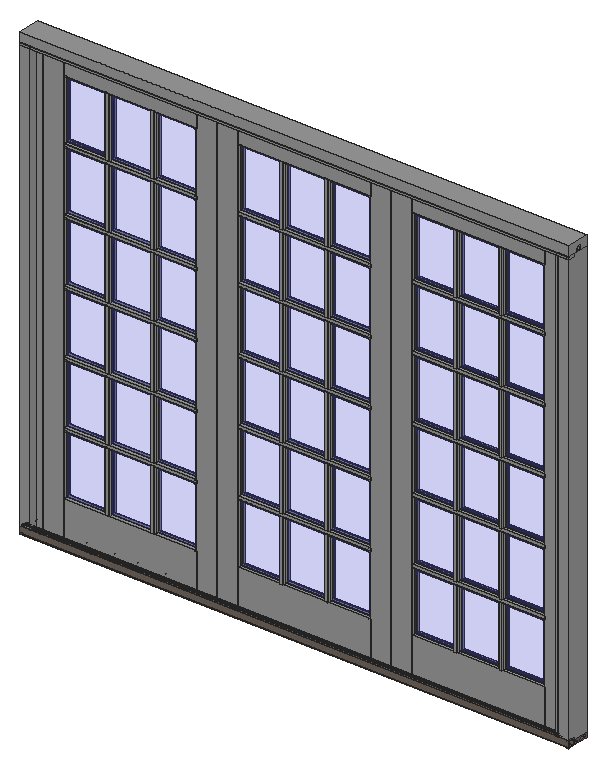
Revit family "VSFA 2560 SP LH", category Doors, host Wall, Revit 2015
Parameters (values of type "VSFA 2560 SP LH")
  Function = Interior
  Frame Projection Ext. = 25 mm
  Frame Projection Int. = 25 mm
  Frame Width = 75 mm
  Height = 2100 mm
  Wall Closure = By host
  Width = 2560 mm
Reference planes
  plane 1: y = 0
  plane 2 "Center (Left/Right)": x = 0
  plane 3 "Left": x = -1280
  plane 4 "Right": x = 1280
  plane 5: z = 2100
  plane 6 "Exterior": y = 75
  plane 7 "Interior": y = -75
  plane 8: x = 1205
  plane 9: x = -1235
  plane 10: x = 1204
  plane 11: x = 391
  plane 12: x = -422
Forms (mm)
  Extrusion 1, solid, material "Aluminium Cill (Bronze)"
    sketch origin (0, 79.18, -119.746) x (0, 1, 0) y (0, 0, -1)
      loop
        arc (-26.68, -120.746) -> (-26.972, -120.039) -> (-27.68, -119.746) r 1
        line (-27.68, -119.746) -> (-130.68, -119.746)
        arc (-130.68, -119.746) -> (-131.387, -120.039) -> (-131.68, -120.746) r 1
        line (-131.68, -120.746) -> (-131.68, -150.746)
        arc (-131.68, -150.746) -> (-131.387, -151.453) -> (-130.68, -151.746) r 1
        line (-130.68, -151.746) -> (-120.912, -151.746)
        arc (-120.912, -151.746) -> (-119.18, -150.746) -> (-117.447, -151.746) r 2
        line (-117.447, -151.746) -> (-112.912, -151.746)
        arc (-112.912, -151.746) -> (-111.18, -150.746) -> (-109.447, -151.746) r 2
        line (-109.447, -151.746) -> (-99.68, -151.746)
        arc (-99.68, -151.746) -> (-98.972, -151.453) -> (-98.68, -150.746) r 1
        line (-98.68, -150.746) -> (-98.68, -149.246)
        arc (-98.68, -149.246) -> (-99.18, -148.746) -> (-99.68, -149.246) r 0.5
        line (-99.68, -149.246) -> (-99.68, -150.246) -> (-100.88, -150.246) -> (-100.88, -142.734) -> (-99.68, -142.734) -> (-99.68, -143.746)
        arc (-99.68, -143.746) -> (-99.18, -144.246) -> (-98.68, -143.746) r 0.5
        line (-98.68, -143.746) -> (-98.68, -138.746) -> (-90.432, -138.746) -> (-82.18, -138.746) -> (-82.18, -135.246)
        arc (-82.18, -135.246) -> (-81.74, -134.185) -> (-80.68, -133.746) r 1.5
        line (-80.68, -133.746) -> (-75.93, -133.746) -> (-75.93, -135.746) -> (-77.363, -135.746)
        arc (-77.363, -135.746) -> (-74.68, -138.746) -> (-71.996, -135.746) r 2.7
        line (-71.996, -135.746) -> (-73.43, -135.746) -> (-73.43, -133.746) -> (-68.68, -133.746)
        arc (-68.68, -133.746) -> (-67.619, -134.185) -> (-67.18, -135.246) r 1.5
        line (-67.18, -135.246) -> (-67.18, -138.746) -> (-60.412, -138.746)
        arc (-60.412, -138.746) -> (-58.68, -137.746) -> (-56.947, -138.746) r 2
        line (-56.947, -138.746) -> (-52.412, -138.746)
        arc (-52.412, -138.746) -> (-50.68, -137.746) -> (-48.947, -138.746) r 2
        line (-48.947, -138.746) -> (-44.412, -138.746)
        arc (-44.412, -138.746) -> (-42.68, -137.746) -> (-40.947, -138.746) r 2
        line (-40.947, -138.746) -> (-29.68, -138.746)
        arc (-29.68, -138.746) -> (-27.558, -137.867) -> (-26.68, -135.746) r 3
        line (-26.68, -135.746) -> (-26.68, -120.746)
      loop
        arc (-29.68, -137.246) -> (-28.619, -136.807) -> (-28.18, -135.746) r 1.5
        line (-28.18, -135.746) -> (-28.18, -121.246) -> (-73.93, -121.246) -> (-73.93, -132.246) -> (-68.68, -132.246)
        arc (-68.68, -132.246) -> (-66.558, -133.125) -> (-65.68, -135.246) r 3
        line (-65.68, -135.246) -> (-65.68, -137.246) -> (-61.129, -137.246)
        arc (-61.129, -137.246) -> (-58.68, -136.246) -> (-56.23, -137.246) r 3.5
        line (-56.23, -137.246) -> (-53.129, -137.246)
        arc (-53.129, -137.246) -> (-50.68, -136.246) -> (-48.23, -137.246) r 3.5
        line (-48.23, -137.246) -> (-45.129, -137.246)
        arc (-45.129, -137.246) -> (-42.68, -136.246) -> (-40.23, -137.246) r 3.5
        line (-40.23, -137.246) -> (-29.68, -137.246)
      loop
        line (-75.43, -132.246) -> (-75.43, -121.246) -> (-98.68, -121.246) -> (-98.68, -137.246) -> (-83.68, -137.246) -> (-83.68, -135.246)
        arc (-83.68, -135.246) -> (-82.801, -133.125) -> (-80.68, -132.246) r 3
        line (-80.68, -132.246) -> (-75.43, -132.246)
      loop
        line (-100.18, -121.246) -> (-130.18, -121.246) -> (-130.18, -150.246) -> (-121.629, -150.246)
        arc (-121.629, -150.246) -> (-119.18, -149.246) -> (-116.73, -150.246) r 3.5
        line (-116.73, -150.246) -> (-113.629, -150.246)
        arc (-113.629, -150.246) -> (-111.18, -149.246) -> (-108.73, -150.246) r 3.5
        line (-108.73, -150.246) -> (-102.38, -150.246) -> (-102.38, -141.246) -> (-100.18, -141.246) -> (-100.18, -121.246)
    from -1280 to 1280
  Extrusion 2, solid, material "Lauan, Meranti"
    sketch origin (-122.148, 0, 0) x (0, 1, 0) y (0, 0, 1)
      loop
        line (52.5, 2100) -> (-52.5, 2100) -> (-52.5, 2055) -> (-6.5, 2055) -> (-6.5, 2075) -> (15.5, 2075) -> (15.5, 2055) -> (52.5, 2055) -> (52.5, 2100)
    from -1157.852 to 1402.148
  Extrusion 3, solid, material "Lauan, Meranti"
    sketch origin (2.986, 0, 0) x (0, 1, 0) y (0, 0, 1)
      loop
        line (-52.5, 2052) -> (-52.5, 2042) -> (-20.5, 2042) -> (-20.5, 2045.5) -> (-27.5, 2045.5) -> (-27.5, 2048.5) -> (-20.5, 2048.5) -> (-20.5, 2055) -> (-49.5, 2055) -> (-49.5, 2052) -> (-52.5, 2052)
    from -1282.986 to 1277.014
  Extrusion 4, solid, material "Steel, Chrome Plated"
    sketch origin (129.456, -1.5, 0) x (0, 1, 0) y (0, 0, -1)
      loop
        line (16.5, -2075) -> (16.5, -2055) -> (14.3, -2055) -> (14.3, -2072.8) -> (-2.3, -2072.8) -> (-2.3, -2055) -> (-4.5, -2055) -> (-4.5, -2075) -> (16.5, -2075)
    from -1150.544 to 1409.456
  Extrusion 5, solid, material "Lauan, Meranti"
    sketch origin (-615, 0, 0) x (-1, 0, 0) y (0, -1, 0)
      loop
        line (665, 52.5) -> (620, 52.5) -> (620, 16.5) -> (665, 16.5) -> (665, 52.5)
      loop
        line (665, -52.5) -> (665, -25.5) -> (620, -25.5) -> (620, -52.5) -> (665, -52.5)
      loop
        line (590, -24.5) -> (635, -24.5) -> (635, -14.5) -> (610, -14.5) -> (610, 5.5) -> (635, 5.5) -> (635, 15.5) -> (590, 15.5) -> (590, -24.5)
    from 32 to 2055
  Extrusion 6, solid, material "Lauan, Meranti"
    sketch origin (615, 0, 0) x (-1, 0, 0) y (0, -1, 0)
      loop
        line (-665, -52.5) -> (-632, -52.5) -> (-632, -24.5) -> (-620, -24.5) -> (-620, 52.5) -> (-665, 52.5) -> (-665, -52.5)
    from 32 to 2055
  Extrusion 7, solid, material "Lauan, Meranti"
    sketch origin (615, 0, 0) x (-1, 0, 0) y (0, -1, 0)
      loop
        line (-617, 52.5) -> (-617, 49.5) -> (-620, 49.5) -> (-620, 20.5) -> (-613.5, 20.5) -> (-613.5, 27.5) -> (-610.5, 27.5) -> (-610.5, 20.5) -> (-607, 20.5) -> (-607, 52.5) -> (-617, 52.5)
    from 32 to 2042
  Extrusion 8, solid, material "Lauan, Meranti"
    sketch origin (615, 0, 0) x (-1, 0, 0) y (0, -1, 0)
      loop
        line (-665, -52.5) -> (-632, -52.5) -> (-632, -24.5) -> (-620, -24.5) -> (-620, 19.5) -> (-665, 19.5) -> (-665, -52.5)
    from 19 to 32
  Extrusion 9, solid, material "Lauan, Meranti"
    sketch origin (-615, 0, 0) x (-1, 0, 0) y (0, -1, 0)
      loop
        line (620, -52.5) -> (665, -52.5) -> (665, -25.5) -> (620, -25.5) -> (620, -52.5)
      loop
        line (635, -24.5) -> (635, -14.5) -> (610, -14.5) -> (610, 5.5) -> (635, 5.5) -> (635, 15.5) -> (590, 15.5) -> (590, -24.5) -> (635, -24.5)
    from 19 to 32
  Extrusion 10, solid, material "Lauan, Meranti"
    sketch origin (-1524, 0, 0) x (-1, 0, 0) y (0, -1, 0)
      loop
        line (-1133, 15.5) -> (-1133, -24.5) -> (-1037, -24.5) -> (-1037, 5.5) -> (-1028, 5.5) -> (-1028, 7.5) -> (-1030, 7.5)
        arc (-1030, 7.5) -> (-1032.265, 11.94) -> (-1037, 13.5) r 6.549
        line (-1037, 13.5) -> (-1037, 15.5) -> (-1133, 15.5)
      loop
        line (-320, 15.5) -> (-416, 15.5) -> (-416, 13.5)
        arc (-416, 13.5) -> (-420.735, 11.94) -> (-423, 7.5) r 6.549
        line (-423, 7.5) -> (-425, 7.5) -> (-425, 5.5) -> (-416, 5.5) -> (-416, -24.5) -> (-320, -24.5) -> (-320, 15.5)
    from 19 to 2055
  Extrusion 11, solid, material "Lauan, Meranti"
    sketch origin (-711, 0, 0) x (-1, 0, 0) y (0, -1, 0)
      loop
        line (-1133, 15.5) -> (-1133, -24.5) -> (-1037, -24.5) -> (-1037, 5.5) -> (-1028, 5.5) -> (-1028, 7.5) -> (-1030, 7.5)
        arc (-1030, 7.5) -> (-1032.265, 11.94) -> (-1037, 13.5) r 6.549
        line (-1037, 13.5) -> (-1037, 15.5) -> (-1133, 15.5)
      loop
        line (-320, 15.5) -> (-416, 15.5) -> (-416, 13.5)
        arc (-416, 13.5) -> (-420.735, 11.94) -> (-423, 7.5) r 6.549
        line (-423, 7.5) -> (-425, 7.5) -> (-425, 5.5) -> (-416, 5.5) -> (-416, -24.5) -> (-320, -24.5) -> (-320, 15.5)
    from 19 to 2055
  Extrusion 12, solid, material "Lauan, Meranti"
    sketch origin (102, 0, 0) x (-1, 0, 0) y (0, -1, 0)
      loop
        line (-1133, 15.5) -> (-1133, -24.5) -> (-1037, -24.5) -> (-1037, 5.5) -> (-1028, 5.5) -> (-1028, 7.5) -> (-1030, 7.5)
        arc (-1030, 7.5) -> (-1032.265, 11.94) -> (-1037, 13.5) r 6.549
        line (-1037, 13.5) -> (-1037, 15.5) -> (-1133, 15.5)
      loop
        line (-320, 15.5) -> (-416, 15.5) -> (-416, 13.5)
        arc (-416, 13.5) -> (-420.735, 11.94) -> (-423, 7.5) r 6.549
        line (-423, 7.5) -> (-425, 7.5) -> (-425, 5.5) -> (-416, 5.5) -> (-416, -24.5) -> (-320, -24.5) -> (-320, 15.5)
    from 19 to 2055
  Extrusion 13, solid, material "Lauan, Meranti"
    sketch origin (969.765, 0, 0) x (0, 1, 0) y (0, 0, -1)
      loop
        line (-15.5, -190) -> (-13.5, -190)
        arc (-13.5, -190) -> (-11.866, -194.67) -> (-7.5, -197) r 6.807
        line (-7.5, -197) -> (-7.5, -199) -> (-5.5, -199) -> (-5.5, -190) -> (24.5, -190) -> (24.5, -19) -> (-15.5, -19) -> (-15.5, -190)
      loop
        arc (-7.5, -1952) -> (-11.866, -1954.33) -> (-13.5, -1959) r 6.807
        line (-13.5, -1959) -> (-15.5, -1959) -> (-15.5, -2055) -> (24.5, -2055) -> (24.5, -1959) -> (-5.5, -1959) -> (-5.5, -1950) -> (-7.5, -1950) -> (-7.5, -1952)
      loop
        line (-15.5, -1675) -> (-13.5, -1675)
        arc (-13.5, -1675) -> (-11.866, -1679.67) -> (-7.5, -1682) r 6.807
        line (-7.5, -1682) -> (-7.5, -1684) -> (-5.5, -1684) -> (-5.5, -1675) -> (24.5, -1675) -> (24.5, -1662) -> (-5.5, -1662) -> (-5.5, -1653) -> (-7.5, -1653) -> (-7.5, -1655)
        arc (-7.5, -1655) -> (-11.866, -1657.33) -> (-13.5, -1662) r 6.807
        line (-13.5, -1662) -> (-15.5, -1662) -> (-15.5, -1675)
      loop
        line (-15.5, -1378) -> (-13.5, -1378)
        arc (-13.5, -1378) -> (-11.866, -1382.67) -> (-7.5, -1385) r 6.807
        line (-7.5, -1385) -> (-7.5, -1387) -> (-5.5, -1387) -> (-5.5, -1378) -> (24.5, -1378) -> (24.5, -1365) -> (-5.5, -1365) -> (-5.5, -1356) -> (-7.5, -1356) -> (-7.5, -1358)
        arc (-7.5, -1358) -> (-11.866, -1360.33) -> (-13.5, -1365) r 6.807
        line (-13.5, -1365) -> (-15.5, -1365) -> (-15.5, -1378)
      loop
        line (-15.5, -1081) -> (-13.5, -1081)
        arc (-13.5, -1081) -> (-11.866, -1085.67) -> (-7.5, -1088) r 6.807
        line (-7.5, -1088) -> (-7.5, -1090) -> (-5.5, -1090) -> (-5.5, -1081) -> (24.5, -1081) -> (24.5, -1068) -> (-5.5, -1068) -> (-5.5, -1059) -> (-7.5, -1059) -> (-7.5, -1061)
        arc (-7.5, -1061) -> (-11.866, -1063.33) -> (-13.5, -1068) r 6.807
        line (-13.5, -1068) -> (-15.5, -1068) -> (-15.5, -1081)
      loop
        line (-15.5, -784) -> (-13.5, -784)
        arc (-13.5, -784) -> (-11.866, -788.67) -> (-7.5, -791) r 6.807
        line (-7.5, -791) -> (-7.5, -793) -> (-5.5, -793) -> (-5.5, -784) -> (24.5, -784) -> (24.5, -771) -> (-5.5, -771) -> (-5.5, -762) -> (-7.5, -762) -> (-7.5, -764)
        arc (-7.5, -764) -> (-11.866, -766.33) -> (-13.5, -771) r 6.807
        line (-13.5, -771) -> (-15.5, -771) -> (-15.5, -784)
      loop
        line (-15.5, -487) -> (-13.5, -487)
        arc (-13.5, -487) -> (-11.866, -491.67) -> (-7.5, -494) r 6.807
        line (-7.5, -494) -> (-7.5, -496) -> (-5.5, -496) -> (-5.5, -487) -> (24.5, -487) -> (24.5, -474) -> (-5.5, -474) -> (-5.5, -465) -> (-7.5, -465) -> (-7.5, -467)
        arc (-7.5, -467) -> (-11.866, -469.33) -> (-13.5, -474) r 6.807
        line (-13.5, -474) -> (-15.5, -474) -> (-15.5, -487)
    from -169.235 to 451.765
  Extrusion 14, solid, material "Glass"
    sketch origin (993.192, -110.55, -763.769) x (-1, 0, 0) y (0, 0, -1)
      loop
        line (-145.808, -2722.769) -> (52.532, -2722.769) -> (52.532, -2438.757) -> (-145.808, -2438.757) -> (-145.808, -2722.769)
      loop
        line (65.532, -2722.769) -> (263.872, -2722.769) -> (263.872, -2438.757) -> (65.532, -2438.757) -> (65.532, -2722.769)
      loop
        line (276.872, -2722.769) -> (475.212, -2722.769) -> (475.212, -2438.757) -> (276.872, -2438.757) -> (276.872, -2722.769)
      loop
        line (-145.808, -2425.769) -> (52.532, -2425.769) -> (52.532, -2141.757) -> (-145.808, -2141.757) -> (-145.808, -2425.769)
      loop
        line (65.532, -2425.769) -> (263.872, -2425.769) -> (263.872, -2141.757) -> (65.532, -2141.757) -> (65.532, -2425.769)
      loop
        line (276.872, -2425.769) -> (475.212, -2425.769) -> (475.212, -2141.757) -> (276.872, -2141.757) -> (276.872, -2425.769)
      loop
        line (-145.808, -2128.769) -> (52.532, -2128.769) -> (52.532, -1844.757) -> (-145.808, -1844.757) -> (-145.808, -2128.769)
      loop
        line (65.532, -2128.769) -> (263.872, -2128.769) -> (263.872, -1844.757) -> (65.532, -1844.757) -> (65.532, -2128.769)
      loop
        line (276.872, -2128.769) -> (475.212, -2128.769) -> (475.212, -1844.757) -> (276.872, -1844.757) -> (276.872, -2128.769)
      loop
        line (-145.808, -1831.769) -> (52.532, -1831.769) -> (52.532, -1547.757) -> (-145.808, -1547.757) -> (-145.808, -1831.769)
      loop
        line (65.532, -1831.769) -> (263.872, -1831.769) -> (263.872, -1547.757) -> (65.532, -1547.757) -> (65.532, -1831.769)
      loop
        line (276.872, -1831.769) -> (475.212, -1831.769) -> (475.212, -1547.757) -> (276.872, -1547.757) -> (276.872, -1831.769)
      loop
        line (-145.808, -1534.769) -> (52.532, -1534.769) -> (52.532, -1250.757) -> (-145.808, -1250.757) -> (-145.808, -1534.769)
      loop
        line (65.532, -1534.769) -> (263.872, -1534.769) -> (263.872, -1250.757) -> (65.532, -1250.757) -> (65.532, -1534.769)
      loop
        line (276.872, -1534.769) -> (475.212, -1534.769) -> (475.212, -1250.757) -> (276.872, -1250.757) -> (276.872, -1534.769)
      loop
        line (-145.808, -1237.769) -> (52.532, -1237.769) -> (52.532, -953.757) -> (-145.808, -953.757) -> (-145.808, -1237.769)
      loop
        line (65.532, -1237.769) -> (263.872, -1237.769) -> (263.872, -953.757) -> (65.532, -953.757) -> (65.532, -1237.769)
      loop
        line (276.872, -1237.769) -> (475.212, -1237.769) -> (475.212, -953.757) -> (276.872, -953.757) -> (276.872, -1237.769)
    from -112.5 to -106.1
  Extrusion 15, solid, material "Lauan, Meranti"
    sketch origin (1525, 0, 1484.988) x (-1, 0, 0) y (0, -1, 0)
      loop
        line (597.34, 15.5) -> (584.34, 15.5) -> (584.34, 13.5)
        arc (584.34, 13.5) -> (579.67, 11.866) -> (577.34, 7.5) r 6.807
        line (577.34, 7.5) -> (575.34, 7.5) -> (575.34, 5.5) -> (584.34, 5.5) -> (584.34, -24.5) -> (597.34, -24.5) -> (597.34, 5.5) -> (606.34, 5.5) -> (606.34, 7.5) -> (604.34, 7.5)
        arc (604.34, 7.5) -> (602.01, 11.866) -> (597.34, 13.5) r 6.807
        line (597.34, 13.5) -> (597.34, 15.5)
      loop
        line (808.68, 15.5) -> (795.68, 15.5) -> (795.68, 13.5)
        arc (795.68, 13.5) -> (791.01, 11.866) -> (788.68, 7.5) r 6.807
        line (788.68, 7.5) -> (786.68, 7.5) -> (786.68, 5.5) -> (795.68, 5.5) -> (795.68, -24.5) -> (808.68, -24.5) -> (808.68, 5.5) -> (817.68, 5.5) -> (817.68, 7.5) -> (815.68, 7.5)
        arc (815.68, 7.5) -> (813.35, 11.866) -> (808.68, 13.5) r 6.807
        line (808.68, 13.5) -> (808.68, 15.5)
    from 190 to 474
  Sweep 16, solid, material "Lauan, Meranti"
    path origin (1477.612, -75, 232.716) x (-1, 0, 0) y (0, 0, -1)
      loop
        line (338.612, -1726.284) -> (536.952, -1726.284) -> (536.952, -1442.272) -> (338.612, -1442.272) -> (338.612, -1726.284)
    profile origin (1039.83, -75, 1959) x (0, 0, -1) y (0, -1, 0)
      loop
        line (9, -78) -> (0, -78) -> (0, -86)
        arc (0, -86) -> (4.67, -84.366) -> (7, -80) r 6.807
        line (7, -80) -> (9, -80) -> (9, -78)
  Sweep 17, solid, material "Lauan, Meranti"
    path origin (1266.272, -75, 232.716) x (-1, 0, 0) y (0, 0, -1)
      loop
        line (338.612, -1726.284) -> (536.952, -1726.284) -> (536.952, -1442.272) -> (338.612, -1442.272) -> (338.612, -1726.284)
    profile origin (828.49, -75, 1959) x (0, 0, -1) y (0, -1, 0)
      loop
        line (9, -78) -> (0, -78) -> (0, -86)
        arc (0, -86) -> (4.67, -84.366) -> (7, -80) r 6.807
        line (7, -80) -> (9, -80) -> (9, -78)
  Sweep 18, solid, material "Lauan, Meranti"
    path origin (1054.932, -75, 232.716) x (-1, 0, 0) y (0, 0, -1)
      loop
        line (338.612, -1726.284) -> (536.952, -1726.284) -> (536.952, -1442.272) -> (338.612, -1442.272) -> (338.612, -1726.284)
    profile origin (617.15, -75, 1959) x (0, 0, -1) y (0, -1, 0)
      loop
        line (9, -78) -> (0, -78) -> (0, -86)
        arc (0, -86) -> (4.67, -84.366) -> (7, -80) r 6.807
        line (7, -80) -> (9, -80) -> (9, -78)
  Extrusion 19, solid, material "Lauan, Meranti"
    sketch origin (1525, 0, 1187.988) x (-1, 0, 0) y (0, -1, 0)
      loop
        line (597.34, 15.5) -> (584.34, 15.5) -> (584.34, 13.5)
        arc (584.34, 13.5) -> (579.67, 11.866) -> (577.34, 7.5) r 6.807
        line (577.34, 7.5) -> (575.34, 7.5) -> (575.34, 5.5) -> (584.34, 5.5) -> (584.34, -24.5) -> (597.34, -24.5) -> (597.34, 5.5) -> (606.34, 5.5) -> (606.34, 7.5) -> (604.34, 7.5)
        arc (604.34, 7.5) -> (602.01, 11.866) -> (597.34, 13.5) r 6.807
        line (597.34, 13.5) -> (597.34, 15.5)
      loop
        line (808.68, 15.5) -> (795.68, 15.5) -> (795.68, 13.5)
        arc (795.68, 13.5) -> (791.01, 11.866) -> (788.68, 7.5) r 6.807
        line (788.68, 7.5) -> (786.68, 7.5) -> (786.68, 5.5) -> (795.68, 5.5) -> (795.68, -24.5) -> (808.68, -24.5) -> (808.68, 5.5) -> (817.68, 5.5) -> (817.68, 7.5) -> (815.68, 7.5)
        arc (815.68, 7.5) -> (813.35, 11.866) -> (808.68, 13.5) r 6.807
        line (808.68, 13.5) -> (808.68, 15.5)
    from 190 to 474
  Sweep 20, solid, material "Lauan, Meranti"
    path origin (1477.612, -75, -64.284) x (-1, 0, 0) y (0, 0, -1)
      loop
        line (338.612, -1726.284) -> (536.952, -1726.284) -> (536.952, -1442.272) -> (338.612, -1442.272) -> (338.612, -1726.284)
    profile origin (1039.83, -75, 1662) x (0, 0, -1) y (0, -1, 0)
      loop
        line (9, -78) -> (0, -78) -> (0, -86)
        arc (0, -86) -> (4.67, -84.366) -> (7, -80) r 6.807
        line (7, -80) -> (9, -80) -> (9, -78)
  Sweep 21, solid, material "Lauan, Meranti"
    path origin (1266.272, -75, -64.284) x (-1, 0, 0) y (0, 0, -1)
      loop
        line (338.612, -1726.284) -> (536.952, -1726.284) -> (536.952, -1442.272) -> (338.612, -1442.272) -> (338.612, -1726.284)
    profile origin (828.49, -75, 1662) x (0, 0, -1) y (0, -1, 0)
      loop
        line (9, -78) -> (0, -78) -> (0, -86)
        arc (0, -86) -> (4.67, -84.366) -> (7, -80) r 6.807
        line (7, -80) -> (9, -80) -> (9, -78)
  Sweep 22, solid, material "Lauan, Meranti"
    path origin (1054.932, -75, -64.284) x (-1, 0, 0) y (0, 0, -1)
      loop
        line (338.612, -1726.284) -> (536.952, -1726.284) -> (536.952, -1442.272) -> (338.612, -1442.272) -> (338.612, -1726.284)
    profile origin (617.15, -75, 1662) x (0, 0, -1) y (0, -1, 0)
      loop
        line (9, -78) -> (0, -78) -> (0, -86)
        arc (0, -86) -> (4.67, -84.366) -> (7, -80) r 6.807
        line (7, -80) -> (9, -80) -> (9, -78)
  Extrusion 23, solid, material "Lauan, Meranti"
    sketch origin (1525, 0, 890.988) x (-1, 0, 0) y (0, -1, 0)
      loop
        line (597.34, 15.5) -> (584.34, 15.5) -> (584.34, 13.5)
        arc (584.34, 13.5) -> (579.67, 11.866) -> (577.34, 7.5) r 6.807
        line (577.34, 7.5) -> (575.34, 7.5) -> (575.34, 5.5) -> (584.34, 5.5) -> (584.34, -24.5) -> (597.34, -24.5) -> (597.34, 5.5) -> (606.34, 5.5) -> (606.34, 7.5) -> (604.34, 7.5)
        arc (604.34, 7.5) -> (602.01, 11.866) -> (597.34, 13.5) r 6.807
        line (597.34, 13.5) -> (597.34, 15.5)
      loop
        line (808.68, 15.5) -> (795.68, 15.5) -> (795.68, 13.5)
        arc (795.68, 13.5) -> (791.01, 11.866) -> (788.68, 7.5) r 6.807
        line (788.68, 7.5) -> (786.68, 7.5) -> (786.68, 5.5) -> (795.68, 5.5) -> (795.68, -24.5) -> (808.68, -24.5) -> (808.68, 5.5) -> (817.68, 5.5) -> (817.68, 7.5) -> (815.68, 7.5)
        arc (815.68, 7.5) -> (813.35, 11.866) -> (808.68, 13.5) r 6.807
        line (808.68, 13.5) -> (808.68, 15.5)
    from 190 to 474
  Sweep 24, solid, material "Lauan, Meranti"
    path origin (1477.612, -75, -361.284) x (-1, 0, 0) y (0, 0, -1)
      loop
        line (338.612, -1726.284) -> (536.952, -1726.284) -> (536.952, -1442.272) -> (338.612, -1442.272) -> (338.612, -1726.284)
    profile origin (1039.83, -75, 1365) x (0, 0, -1) y (0, -1, 0)
      loop
        line (9, -78) -> (0, -78) -> (0, -86)
        arc (0, -86) -> (4.67, -84.366) -> (7, -80) r 6.807
        line (7, -80) -> (9, -80) -> (9, -78)
  Sweep 25, solid, material "Lauan, Meranti"
    path origin (1266.272, -75, -361.284) x (-1, 0, 0) y (0, 0, -1)
      loop
        line (338.612, -1726.284) -> (536.952, -1726.284) -> (536.952, -1442.272) -> (338.612, -1442.272) -> (338.612, -1726.284)
    profile origin (828.49, -75, 1365) x (0, 0, -1) y (0, -1, 0)
      loop
        line (9, -78) -> (0, -78) -> (0, -86)
        arc (0, -86) -> (4.67, -84.366) -> (7, -80) r 6.807
        line (7, -80) -> (9, -80) -> (9, -78)
  Sweep 26, solid, material "Lauan, Meranti"
    path origin (1054.932, -75, -361.284) x (-1, 0, 0) y (0, 0, -1)
      loop
        line (338.612, -1726.284) -> (536.952, -1726.284) -> (536.952, -1442.272) -> (338.612, -1442.272) -> (338.612, -1726.284)
    profile origin (617.15, -75, 1365) x (0, 0, -1) y (0, -1, 0)
      loop
        line (9, -78) -> (0, -78) -> (0, -86)
        arc (0, -86) -> (4.67, -84.366) -> (7, -80) r 6.807
        line (7, -80) -> (9, -80) -> (9, -78)
  Extrusion 27, solid, material "Lauan, Meranti"
    sketch origin (1525, 0, 593.988) x (-1, 0, 0) y (0, -1, 0)
      loop
        line (597.34, 15.5) -> (584.34, 15.5) -> (584.34, 13.5)
        arc (584.34, 13.5) -> (579.67, 11.866) -> (577.34, 7.5) r 6.807
        line (577.34, 7.5) -> (575.34, 7.5) -> (575.34, 5.5) -> (584.34, 5.5) -> (584.34, -24.5) -> (597.34, -24.5) -> (597.34, 5.5) -> (606.34, 5.5) -> (606.34, 7.5) -> (604.34, 7.5)
        arc (604.34, 7.5) -> (602.01, 11.866) -> (597.34, 13.5) r 6.807
        line (597.34, 13.5) -> (597.34, 15.5)
      loop
        line (808.68, 15.5) -> (795.68, 15.5) -> (795.68, 13.5)
        arc (795.68, 13.5) -> (791.01, 11.866) -> (788.68, 7.5) r 6.807
        line (788.68, 7.5) -> (786.68, 7.5) -> (786.68, 5.5) -> (795.68, 5.5) -> (795.68, -24.5) -> (808.68, -24.5) -> (808.68, 5.5) -> (817.68, 5.5) -> (817.68, 7.5) -> (815.68, 7.5)
        arc (815.68, 7.5) -> (813.35, 11.866) -> (808.68, 13.5) r 6.807
        line (808.68, 13.5) -> (808.68, 15.5)
    from 190 to 474
  Sweep 28, solid, material "Lauan, Meranti"
    path origin (1477.612, -75, -658.284) x (-1, 0, 0) y (0, 0, -1)
      loop
        line (338.612, -1726.284) -> (536.952, -1726.284) -> (536.952, -1442.272) -> (338.612, -1442.272) -> (338.612, -1726.284)
    profile origin (1039.83, -75, 1068) x (0, 0, -1) y (0, -1, 0)
      loop
        line (9, -78) -> (0, -78) -> (0, -86)
        arc (0, -86) -> (4.67, -84.366) -> (7, -80) r 6.807
        line (7, -80) -> (9, -80) -> (9, -78)
  Sweep 29, solid, material "Lauan, Meranti"
    path origin (1266.272, -75, -658.284) x (-1, 0, 0) y (0, 0, -1)
      loop
        line (338.612, -1726.284) -> (536.952, -1726.284) -> (536.952, -1442.272) -> (338.612, -1442.272) -> (338.612, -1726.284)
    profile origin (828.49, -75, 1068) x (0, 0, -1) y (0, -1, 0)
      loop
        line (9, -78) -> (0, -78) -> (0, -86)
        arc (0, -86) -> (4.67, -84.366) -> (7, -80) r 6.807
        line (7, -80) -> (9, -80) -> (9, -78)
  Sweep 30, solid, material "Lauan, Meranti"
    path origin (1054.932, -75, -658.284) x (-1, 0, 0) y (0, 0, -1)
      loop
        line (338.612, -1726.284) -> (536.952, -1726.284) -> (536.952, -1442.272) -> (338.612, -1442.272) -> (338.612, -1726.284)
    profile origin (617.15, -75, 1068) x (0, 0, -1) y (0, -1, 0)
      loop
        line (9, -78) -> (0, -78) -> (0, -86)
        arc (0, -86) -> (4.67, -84.366) -> (7, -80) r 6.807
        line (7, -80) -> (9, -80) -> (9, -78)
  Extrusion 31, solid, material "Lauan, Meranti"
    sketch origin (1525, 0, 296.988) x (-1, 0, 0) y (0, -1, 0)
      loop
        line (597.34, 15.5) -> (584.34, 15.5) -> (584.34, 13.5)
        arc (584.34, 13.5) -> (579.67, 11.866) -> (577.34, 7.5) r 6.807
        line (577.34, 7.5) -> (575.34, 7.5) -> (575.34, 5.5) -> (584.34, 5.5) -> (584.34, -24.5) -> (597.34, -24.5) -> (597.34, 5.5) -> (606.34, 5.5) -> (606.34, 7.5) -> (604.34, 7.5)
        arc (604.34, 7.5) -> (602.01, 11.866) -> (597.34, 13.5) r 6.807
        line (597.34, 13.5) -> (597.34, 15.5)
      loop
        line (808.68, 15.5) -> (795.68, 15.5) -> (795.68, 13.5)
        arc (795.68, 13.5) -> (791.01, 11.866) -> (788.68, 7.5) r 6.807
        line (788.68, 7.5) -> (786.68, 7.5) -> (786.68, 5.5) -> (795.68, 5.5) -> (795.68, -24.5) -> (808.68, -24.5) -> (808.68, 5.5) -> (817.68, 5.5) -> (817.68, 7.5) -> (815.68, 7.5)
        arc (815.68, 7.5) -> (813.35, 11.866) -> (808.68, 13.5) r 6.807
        line (808.68, 13.5) -> (808.68, 15.5)
    from 190 to 474
  Sweep 32, solid, material "Lauan, Meranti"
    path origin (1477.612, -75, -955.284) x (-1, 0, 0) y (0, 0, -1)
      loop
        line (338.612, -1726.284) -> (536.952, -1726.284) -> (536.952, -1442.272) -> (338.612, -1442.272) -> (338.612, -1726.284)
    profile origin (1039.83, -75, 771) x (0, 0, -1) y (0, -1, 0)
      loop
        line (9, -78) -> (0, -78) -> (0, -86)
        arc (0, -86) -> (4.67, -84.366) -> (7, -80) r 6.807
        line (7, -80) -> (9, -80) -> (9, -78)
  Sweep 33, solid, material "Lauan, Meranti"
    path origin (1266.272, -75, -955.284) x (-1, 0, 0) y (0, 0, -1)
      loop
        line (338.612, -1726.284) -> (536.952, -1726.284) -> (536.952, -1442.272) -> (338.612, -1442.272) -> (338.612, -1726.284)
    profile origin (828.49, -75, 771) x (0, 0, -1) y (0, -1, 0)
      loop
        line (9, -78) -> (0, -78) -> (0, -86)
        arc (0, -86) -> (4.67, -84.366) -> (7, -80) r 6.807
        line (7, -80) -> (9, -80) -> (9, -78)
  Sweep 34, solid, material "Lauan, Meranti"
    path origin (1054.932, -75, -955.284) x (-1, 0, 0) y (0, 0, -1)
      loop
        line (338.612, -1726.284) -> (536.952, -1726.284) -> (536.952, -1442.272) -> (338.612, -1442.272) -> (338.612, -1726.284)
    profile origin (617.15, -75, 771) x (0, 0, -1) y (0, -1, 0)
      loop
        line (9, -78) -> (0, -78) -> (0, -86)
        arc (0, -86) -> (4.67, -84.366) -> (7, -80) r 6.807
        line (7, -80) -> (9, -80) -> (9, -78)
  Extrusion 35, solid, material "Lauan, Meranti"
    sketch origin (1525, 0, -0.012) x (-1, 0, 0) y (0, -1, 0)
      loop
        line (597.34, 15.5) -> (584.34, 15.5) -> (584.34, 13.5)
        arc (584.34, 13.5) -> (579.67, 11.866) -> (577.34, 7.5) r 6.807
        line (577.34, 7.5) -> (575.34, 7.5) -> (575.34, 5.5) -> (584.34, 5.5) -> (584.34, -24.5) -> (597.34, -24.5) -> (597.34, 5.5) -> (606.34, 5.5) -> (606.34, 7.5) -> (604.34, 7.5)
        arc (604.34, 7.5) -> (602.01, 11.866) -> (597.34, 13.5) r 6.807
        line (597.34, 13.5) -> (597.34, 15.5)
      loop
        line (808.68, 15.5) -> (795.68, 15.5) -> (795.68, 13.5)
        arc (795.68, 13.5) -> (791.01, 11.866) -> (788.68, 7.5) r 6.807
        line (788.68, 7.5) -> (786.68, 7.5) -> (786.68, 5.5) -> (795.68, 5.5) -> (795.68, -24.5) -> (808.68, -24.5) -> (808.68, 5.5) -> (817.68, 5.5) -> (817.68, 7.5) -> (815.68, 7.5)
        arc (815.68, 7.5) -> (813.35, 11.866) -> (808.68, 13.5) r 6.807
        line (808.68, 13.5) -> (808.68, 15.5)
    from 190 to 474
  Sweep 36, solid, material "Lauan, Meranti"
    path origin (1477.612, -75, -1252.284) x (-1, 0, 0) y (0, 0, -1)
      loop
        line (338.612, -1726.284) -> (536.952, -1726.284) -> (536.952, -1442.272) -> (338.612, -1442.272) -> (338.612, -1726.284)
    profile origin (1039.83, -75, 474) x (0, 0, -1) y (0, -1, 0)
      loop
        line (9, -78) -> (0, -78) -> (0, -86)
        arc (0, -86) -> (4.67, -84.366) -> (7, -80) r 6.807
        line (7, -80) -> (9, -80) -> (9, -78)
  Sweep 37, solid, material "Lauan, Meranti"
    path origin (1266.272, -75, -1252.284) x (-1, 0, 0) y (0, 0, -1)
      loop
        line (338.612, -1726.284) -> (536.952, -1726.284) -> (536.952, -1442.272) -> (338.612, -1442.272) -> (338.612, -1726.284)
    profile origin (828.49, -75, 474) x (0, 0, -1) y (0, -1, 0)
      loop
        line (9, -78) -> (0, -78) -> (0, -86)
        arc (0, -86) -> (4.67, -84.366) -> (7, -80) r 6.807
        line (7, -80) -> (9, -80) -> (9, -78)
  Sweep 38, solid, material "Lauan, Meranti"
    path origin (1054.932, -75, -1252.284) x (-1, 0, 0) y (0, 0, -1)
      loop
        line (338.612, -1726.284) -> (536.952, -1726.284) -> (536.952, -1442.272) -> (338.612, -1442.272) -> (338.612, -1726.284)
    profile origin (617.15, -75, 474) x (0, 0, -1) y (0, -1, 0)
      loop
        line (9, -78) -> (0, -78) -> (0, -86)
        arc (0, -86) -> (4.67, -84.366) -> (7, -80) r 6.807
        line (7, -80) -> (9, -80) -> (9, -78)
  Extrusion 39, solid, material "Lauan, Meranti"
    sketch origin (156.765, 0, 0) x (0, 1, 0) y (0, 0, -1)
      loop
        line (-15.5, -190) -> (-13.5, -190)
        arc (-13.5, -190) -> (-11.866, -194.67) -> (-7.5, -197) r 6.807
        line (-7.5, -197) -> (-7.5, -199) -> (-5.5, -199) -> (-5.5, -190) -> (24.5, -190) -> (24.5, -19) -> (-15.5, -19) -> (-15.5, -190)
      loop
        arc (-7.5, -1952) -> (-11.866, -1954.33) -> (-13.5, -1959) r 6.807
        line (-13.5, -1959) -> (-15.5, -1959) -> (-15.5, -2055) -> (24.5, -2055) -> (24.5, -1959) -> (-5.5, -1959) -> (-5.5, -1950) -> (-7.5, -1950) -> (-7.5, -1952)
      loop
        line (-15.5, -1675) -> (-13.5, -1675)
        arc (-13.5, -1675) -> (-11.866, -1679.67) -> (-7.5, -1682) r 6.807
        line (-7.5, -1682) -> (-7.5, -1684) -> (-5.5, -1684) -> (-5.5, -1675) -> (24.5, -1675) -> (24.5, -1662) -> (-5.5, -1662) -> (-5.5, -1653) -> (-7.5, -1653) -> (-7.5, -1655)
        arc (-7.5, -1655) -> (-11.866, -1657.33) -> (-13.5, -1662) r 6.807
        line (-13.5, -1662) -> (-15.5, -1662) -> (-15.5, -1675)
      loop
        line (-15.5, -1378) -> (-13.5, -1378)
        arc (-13.5, -1378) -> (-11.866, -1382.67) -> (-7.5, -1385) r 6.807
        line (-7.5, -1385) -> (-7.5, -1387) -> (-5.5, -1387) -> (-5.5, -1378) -> (24.5, -1378) -> (24.5, -1365) -> (-5.5, -1365) -> (-5.5, -1356) -> (-7.5, -1356) -> (-7.5, -1358)
        arc (-7.5, -1358) -> (-11.866, -1360.33) -> (-13.5, -1365) r 6.807
        line (-13.5, -1365) -> (-15.5, -1365) -> (-15.5, -1378)
      loop
        line (-15.5, -1081) -> (-13.5, -1081)
        arc (-13.5, -1081) -> (-11.866, -1085.67) -> (-7.5, -1088) r 6.807
        line (-7.5, -1088) -> (-7.5, -1090) -> (-5.5, -1090) -> (-5.5, -1081) -> (24.5, -1081) -> (24.5, -1068) -> (-5.5, -1068) -> (-5.5, -1059) -> (-7.5, -1059) -> (-7.5, -1061)
        arc (-7.5, -1061) -> (-11.866, -1063.33) -> (-13.5, -1068) r 6.807
        line (-13.5, -1068) -> (-15.5, -1068) -> (-15.5, -1081)
      loop
        line (-15.5, -784) -> (-13.5, -784)
        arc (-13.5, -784) -> (-11.866, -788.67) -> (-7.5, -791) r 6.807
        line (-7.5, -791) -> (-7.5, -793) -> (-5.5, -793) -> (-5.5, -784) -> (24.5, -784) -> (24.5, -771) -> (-5.5, -771) -> (-5.5, -762) -> (-7.5, -762) -> (-7.5, -764)
        arc (-7.5, -764) -> (-11.866, -766.33) -> (-13.5, -771) r 6.807
        line (-13.5, -771) -> (-15.5, -771) -> (-15.5, -784)
      loop
        line (-15.5, -487) -> (-13.5, -487)
        arc (-13.5, -487) -> (-11.866, -491.67) -> (-7.5, -494) r 6.807
        line (-7.5, -494) -> (-7.5, -496) -> (-5.5, -496) -> (-5.5, -487) -> (24.5, -487) -> (24.5, -474) -> (-5.5, -474) -> (-5.5, -465) -> (-7.5, -465) -> (-7.5, -467)
        arc (-7.5, -467) -> (-11.866, -469.33) -> (-13.5, -474) r 6.807
        line (-13.5, -474) -> (-15.5, -474) -> (-15.5, -487)
    from -169.235 to 451.765
  Extrusion 40, solid, material "Glass"
    sketch origin (180.192, -110.55, -763.769) x (-1, 0, 0) y (0, 0, -1)
      loop
        line (-145.808, -2722.769) -> (52.532, -2722.769) -> (52.532, -2438.757) -> (-145.808, -2438.757) -> (-145.808, -2722.769)
      loop
        line (65.532, -2722.769) -> (263.872, -2722.769) -> (263.872, -2438.757) -> (65.532, -2438.757) -> (65.532, -2722.769)
      loop
        line (276.872, -2722.769) -> (475.212, -2722.769) -> (475.212, -2438.757) -> (276.872, -2438.757) -> (276.872, -2722.769)
      loop
        line (-145.808, -2425.769) -> (52.532, -2425.769) -> (52.532, -2141.757) -> (-145.808, -2141.757) -> (-145.808, -2425.769)
      loop
        line (65.532, -2425.769) -> (263.872, -2425.769) -> (263.872, -2141.757) -> (65.532, -2141.757) -> (65.532, -2425.769)
      loop
        line (276.872, -2425.769) -> (475.212, -2425.769) -> (475.212, -2141.757) -> (276.872, -2141.757) -> (276.872, -2425.769)
      loop
        line (-145.808, -2128.769) -> (52.532, -2128.769) -> (52.532, -1844.757) -> (-145.808, -1844.757) -> (-145.808, -2128.769)
      loop
        line (65.532, -2128.769) -> (263.872, -2128.769) -> (263.872, -1844.757) -> (65.532, -1844.757) -> (65.532, -2128.769)
      loop
        line (276.872, -2128.769) -> (475.212, -2128.769) -> (475.212, -1844.757) -> (276.872, -1844.757) -> (276.872, -2128.769)
      loop
        line (-145.808, -1831.769) -> (52.532, -1831.769) -> (52.532, -1547.757) -> (-145.808, -1547.757) -> (-145.808, -1831.769)
      loop
        line (65.532, -1831.769) -> (263.872, -1831.769) -> (263.872, -1547.757) -> (65.532, -1547.757) -> (65.532, -1831.769)
      loop
        line (276.872, -1831.769) -> (475.212, -1831.769) -> (475.212, -1547.757) -> (276.872, -1547.757) -> (276.872, -1831.769)
      loop
        line (-145.808, -1534.769) -> (52.532, -1534.769) -> (52.532, -1250.757) -> (-145.808, -1250.757) -> (-145.808, -1534.769)
      loop
        line (65.532, -1534.769) -> (263.872, -1534.769) -> (263.872, -1250.757) -> (65.532, -1250.757) -> (65.532, -1534.769)
      loop
        line (276.872, -1534.769) -> (475.212, -1534.769) -> (475.212, -1250.757) -> (276.872, -1250.757) -> (276.872, -1534.769)
      loop
        line (-145.808, -1237.769) -> (52.532, -1237.769) -> (52.532, -953.757) -> (-145.808, -953.757) -> (-145.808, -1237.769)
      loop
        line (65.532, -1237.769) -> (263.872, -1237.769) -> (263.872, -953.757) -> (65.532, -953.757) -> (65.532, -1237.769)
      loop
        line (276.872, -1237.769) -> (475.212, -1237.769) -> (475.212, -953.757) -> (276.872, -953.757) -> (276.872, -1237.769)
    from -112.5 to -106.1
  Extrusion 41, solid, material "Lauan, Meranti"
    sketch origin (712, 0, 1484.988) x (-1, 0, 0) y (0, -1, 0)
      loop
        line (597.34, 15.5) -> (584.34, 15.5) -> (584.34, 13.5)
        arc (584.34, 13.5) -> (579.67, 11.866) -> (577.34, 7.5) r 6.807
        line (577.34, 7.5) -> (575.34, 7.5) -> (575.34, 5.5) -> (584.34, 5.5) -> (584.34, -24.5) -> (597.34, -24.5) -> (597.34, 5.5) -> (606.34, 5.5) -> (606.34, 7.5) -> (604.34, 7.5)
        arc (604.34, 7.5) -> (602.01, 11.866) -> (597.34, 13.5) r 6.807
        line (597.34, 13.5) -> (597.34, 15.5)
      loop
        line (808.68, 15.5) -> (795.68, 15.5) -> (795.68, 13.5)
        arc (795.68, 13.5) -> (791.01, 11.866) -> (788.68, 7.5) r 6.807
        line (788.68, 7.5) -> (786.68, 7.5) -> (786.68, 5.5) -> (795.68, 5.5) -> (795.68, -24.5) -> (808.68, -24.5) -> (808.68, 5.5) -> (817.68, 5.5) -> (817.68, 7.5) -> (815.68, 7.5)
        arc (815.68, 7.5) -> (813.35, 11.866) -> (808.68, 13.5) r 6.807
        line (808.68, 13.5) -> (808.68, 15.5)
    from 190 to 474
  Sweep 42, solid, material "Lauan, Meranti"
    path origin (664.612, -75, 232.716) x (-1, 0, 0) y (0, 0, -1)
      loop
        line (338.612, -1726.284) -> (536.952, -1726.284) -> (536.952, -1442.272) -> (338.612, -1442.272) -> (338.612, -1726.284)
    profile origin (226.83, -75, 1959) x (0, 0, -1) y (0, -1, 0)
      loop
        line (9, -78) -> (0, -78) -> (0, -86)
        arc (0, -86) -> (4.67, -84.366) -> (7, -80) r 6.807
        line (7, -80) -> (9, -80) -> (9, -78)
  Sweep 43, solid, material "Lauan, Meranti"
    path origin (453.272, -75, 232.716) x (-1, 0, 0) y (0, 0, -1)
      loop
        line (338.612, -1726.284) -> (536.952, -1726.284) -> (536.952, -1442.272) -> (338.612, -1442.272) -> (338.612, -1726.284)
    profile origin (15.49, -75, 1959) x (0, 0, -1) y (0, -1, 0)
      loop
        line (9, -78) -> (0, -78) -> (0, -86)
        arc (0, -86) -> (4.67, -84.366) -> (7, -80) r 6.807
        line (7, -80) -> (9, -80) -> (9, -78)
  Sweep 44, solid, material "Lauan, Meranti"
    path origin (241.932, -75, 232.716) x (-1, 0, 0) y (0, 0, -1)
      loop
        line (338.612, -1726.284) -> (536.952, -1726.284) -> (536.952, -1442.272) -> (338.612, -1442.272) -> (338.612, -1726.284)
    profile origin (-195.85, -75, 1959) x (0, 0, -1) y (0, -1, 0)
      loop
        line (9, -78) -> (0, -78) -> (0, -86)
        arc (0, -86) -> (4.67, -84.366) -> (7, -80) r 6.807
        line (7, -80) -> (9, -80) -> (9, -78)
  Extrusion 45, solid, material "Lauan, Meranti"
    sketch origin (712, 0, 1187.988) x (-1, 0, 0) y (0, -1, 0)
      loop
        line (597.34, 15.5) -> (584.34, 15.5) -> (584.34, 13.5)
        arc (584.34, 13.5) -> (579.67, 11.866) -> (577.34, 7.5) r 6.807
        line (577.34, 7.5) -> (575.34, 7.5) -> (575.34, 5.5) -> (584.34, 5.5) -> (584.34, -24.5) -> (597.34, -24.5) -> (597.34, 5.5) -> (606.34, 5.5) -> (606.34, 7.5) -> (604.34, 7.5)
        arc (604.34, 7.5) -> (602.01, 11.866) -> (597.34, 13.5) r 6.807
        line (597.34, 13.5) -> (597.34, 15.5)
      loop
        line (808.68, 15.5) -> (795.68, 15.5) -> (795.68, 13.5)
        arc (795.68, 13.5) -> (791.01, 11.866) -> (788.68, 7.5) r 6.807
        line (788.68, 7.5) -> (786.68, 7.5) -> (786.68, 5.5) -> (795.68, 5.5) -> (795.68, -24.5) -> (808.68, -24.5) -> (808.68, 5.5) -> (817.68, 5.5) -> (817.68, 7.5) -> (815.68, 7.5)
        arc (815.68, 7.5) -> (813.35, 11.866) -> (808.68, 13.5) r 6.807
        line (808.68, 13.5) -> (808.68, 15.5)
    from 190 to 474
  Sweep 46, solid, material "Lauan, Meranti"
    path origin (664.612, -75, -64.284) x (-1, 0, 0) y (0, 0, -1)
      loop
        line (338.612, -1726.284) -> (536.952, -1726.284) -> (536.952, -1442.272) -> (338.612, -1442.272) -> (338.612, -1726.284)
    profile origin (226.83, -75, 1662) x (0, 0, -1) y (0, -1, 0)
      loop
        line (9, -78) -> (0, -78) -> (0, -86)
        arc (0, -86) -> (4.67, -84.366) -> (7, -80) r 6.807
        line (7, -80) -> (9, -80) -> (9, -78)
  Sweep 47, solid, material "Lauan, Meranti"
    path origin (453.272, -75, -64.284) x (-1, 0, 0) y (0, 0, -1)
      loop
        line (338.612, -1726.284) -> (536.952, -1726.284) -> (536.952, -1442.272) -> (338.612, -1442.272) -> (338.612, -1726.284)
    profile origin (15.49, -75, 1662) x (0, 0, -1) y (0, -1, 0)
      loop
        line (9, -78) -> (0, -78) -> (0, -86)
        arc (0, -86) -> (4.67, -84.366) -> (7, -80) r 6.807
        line (7, -80) -> (9, -80) -> (9, -78)
  Sweep 48, solid, material "Lauan, Meranti"
    path origin (241.932, -75, -64.284) x (-1, 0, 0) y (0, 0, -1)
      loop
        line (338.612, -1726.284) -> (536.952, -1726.284) -> (536.952, -1442.272) -> (338.612, -1442.272) -> (338.612, -1726.284)
    profile origin (-195.85, -75, 1662) x (0, 0, -1) y (0, -1, 0)
      loop
        line (9, -78) -> (0, -78) -> (0, -86)
        arc (0, -86) -> (4.67, -84.366) -> (7, -80) r 6.807
        line (7, -80) -> (9, -80) -> (9, -78)
  Extrusion 49, solid, material "Lauan, Meranti"
    sketch origin (712, 0, 890.988) x (-1, 0, 0) y (0, -1, 0)
      loop
        line (597.34, 15.5) -> (584.34, 15.5) -> (584.34, 13.5)
        arc (584.34, 13.5) -> (579.67, 11.866) -> (577.34, 7.5) r 6.807
        line (577.34, 7.5) -> (575.34, 7.5) -> (575.34, 5.5) -> (584.34, 5.5) -> (584.34, -24.5) -> (597.34, -24.5) -> (597.34, 5.5) -> (606.34, 5.5) -> (606.34, 7.5) -> (604.34, 7.5)
        arc (604.34, 7.5) -> (602.01, 11.866) -> (597.34, 13.5) r 6.807
        line (597.34, 13.5) -> (597.34, 15.5)
      loop
        line (808.68, 15.5) -> (795.68, 15.5) -> (795.68, 13.5)
        arc (795.68, 13.5) -> (791.01, 11.866) -> (788.68, 7.5) r 6.807
        line (788.68, 7.5) -> (786.68, 7.5) -> (786.68, 5.5) -> (795.68, 5.5) -> (795.68, -24.5) -> (808.68, -24.5) -> (808.68, 5.5) -> (817.68, 5.5) -> (817.68, 7.5) -> (815.68, 7.5)
        arc (815.68, 7.5) -> (813.35, 11.866) -> (808.68, 13.5) r 6.807
        line (808.68, 13.5) -> (808.68, 15.5)
    from 190 to 474
  Sweep 50, solid, material "Lauan, Meranti"
    path origin (664.612, -75, -361.284) x (-1, 0, 0) y (0, 0, -1)
      loop
        line (338.612, -1726.284) -> (536.952, -1726.284) -> (536.952, -1442.272) -> (338.612, -1442.272) -> (338.612, -1726.284)
    profile origin (226.83, -75, 1365) x (0, 0, -1) y (0, -1, 0)
      loop
        line (9, -78) -> (0, -78) -> (0, -86)
        arc (0, -86) -> (4.67, -84.366) -> (7, -80) r 6.807
        line (7, -80) -> (9, -80) -> (9, -78)
  Sweep 51, solid, material "Lauan, Meranti"
    path origin (453.272, -75, -361.284) x (-1, 0, 0) y (0, 0, -1)
      loop
        line (338.612, -1726.284) -> (536.952, -1726.284) -> (536.952, -1442.272) -> (338.612, -1442.272) -> (338.612, -1726.284)
    profile origin (15.49, -75, 1365) x (0, 0, -1) y (0, -1, 0)
      loop
        line (9, -78) -> (0, -78) -> (0, -86)
        arc (0, -86) -> (4.67, -84.366) -> (7, -80) r 6.807
        line (7, -80) -> (9, -80) -> (9, -78)
  Sweep 52, solid, material "Lauan, Meranti"
    path origin (241.932, -75, -361.284) x (-1, 0, 0) y (0, 0, -1)
      loop
        line (338.612, -1726.284) -> (536.952, -1726.284) -> (536.952, -1442.272) -> (338.612, -1442.272) -> (338.612, -1726.284)
    profile origin (-195.85, -75, 1365) x (0, 0, -1) y (0, -1, 0)
      loop
        line (9, -78) -> (0, -78) -> (0, -86)
        arc (0, -86) -> (4.67, -84.366) -> (7, -80) r 6.807
        line (7, -80) -> (9, -80) -> (9, -78)
  Extrusion 53, solid, material "Lauan, Meranti"
    sketch origin (712, 0, 593.988) x (-1, 0, 0) y (0, -1, 0)
      loop
        line (597.34, 15.5) -> (584.34, 15.5) -> (584.34, 13.5)
        arc (584.34, 13.5) -> (579.67, 11.866) -> (577.34, 7.5) r 6.807
        line (577.34, 7.5) -> (575.34, 7.5) -> (575.34, 5.5) -> (584.34, 5.5) -> (584.34, -24.5) -> (597.34, -24.5) -> (597.34, 5.5) -> (606.34, 5.5) -> (606.34, 7.5) -> (604.34, 7.5)
        arc (604.34, 7.5) -> (602.01, 11.866) -> (597.34, 13.5) r 6.807
        line (597.34, 13.5) -> (597.34, 15.5)
      loop
        line (808.68, 15.5) -> (795.68, 15.5) -> (795.68, 13.5)
        arc (795.68, 13.5) -> (791.01, 11.866) -> (788.68, 7.5) r 6.807
        line (788.68, 7.5) -> (786.68, 7.5) -> (786.68, 5.5) -> (795.68, 5.5) -> (795.68, -24.5) -> (808.68, -24.5) -> (808.68, 5.5) -> (817.68, 5.5) -> (817.68, 7.5) -> (815.68, 7.5)
        arc (815.68, 7.5) -> (813.35, 11.866) -> (808.68, 13.5) r 6.807
        line (808.68, 13.5) -> (808.68, 15.5)
    from 190 to 474
  Sweep 54, solid, material "Lauan, Meranti"
    path origin (664.612, -75, -658.284) x (-1, 0, 0) y (0, 0, -1)
      loop
        line (338.612, -1726.284) -> (536.952, -1726.284) -> (536.952, -1442.272) -> (338.612, -1442.272) -> (338.612, -1726.284)
    profile origin (226.83, -75, 1068) x (0, 0, -1) y (0, -1, 0)
      loop
        line (9, -78) -> (0, -78) -> (0, -86)
        arc (0, -86) -> (4.67, -84.366) -> (7, -80) r 6.807
        line (7, -80) -> (9, -80) -> (9, -78)
  Sweep 55, solid, material "Lauan, Meranti"
    path origin (453.272, -75, -658.284) x (-1, 0, 0) y (0, 0, -1)
      loop
        line (338.612, -1726.284) -> (536.952, -1726.284) -> (536.952, -1442.272) -> (338.612, -1442.272) -> (338.612, -1726.284)
    profile origin (15.49, -75, 1068) x (0, 0, -1) y (0, -1, 0)
      loop
        line (9, -78) -> (0, -78) -> (0, -86)
        arc (0, -86) -> (4.67, -84.366) -> (7, -80) r 6.807
        line (7, -80) -> (9, -80) -> (9, -78)
  Sweep 56, solid, material "Lauan, Meranti"
    path origin (241.932, -75, -658.284) x (-1, 0, 0) y (0, 0, -1)
      loop
        line (338.612, -1726.284) -> (536.952, -1726.284) -> (536.952, -1442.272) -> (338.612, -1442.272) -> (338.612, -1726.284)
    profile origin (-195.85, -75, 1068) x (0, 0, -1) y (0, -1, 0)
      loop
        line (9, -78) -> (0, -78) -> (0, -86)
        arc (0, -86) -> (4.67, -84.366) -> (7, -80) r 6.807
        line (7, -80) -> (9, -80) -> (9, -78)
  Extrusion 57, solid, material "Lauan, Meranti"
    sketch origin (712, 0, 296.988) x (-1, 0, 0) y (0, -1, 0)
      loop
        line (597.34, 15.5) -> (584.34, 15.5) -> (584.34, 13.5)
        arc (584.34, 13.5) -> (579.67, 11.866) -> (577.34, 7.5) r 6.807
        line (577.34, 7.5) -> (575.34, 7.5) -> (575.34, 5.5) -> (584.34, 5.5) -> (584.34, -24.5) -> (597.34, -24.5) -> (597.34, 5.5) -> (606.34, 5.5) -> (606.34, 7.5) -> (604.34, 7.5)
        arc (604.34, 7.5) -> (602.01, 11.866) -> (597.34, 13.5) r 6.807
        line (597.34, 13.5) -> (597.34, 15.5)
      loop
        line (808.68, 15.5) -> (795.68, 15.5) -> (795.68, 13.5)
        arc (795.68, 13.5) -> (791.01, 11.866) -> (788.68, 7.5) r 6.807
        line (788.68, 7.5) -> (786.68, 7.5) -> (786.68, 5.5) -> (795.68, 5.5) -> (795.68, -24.5) -> (808.68, -24.5) -> (808.68, 5.5) -> (817.68, 5.5) -> (817.68, 7.5) -> (815.68, 7.5)
        arc (815.68, 7.5) -> (813.35, 11.866) -> (808.68, 13.5) r 6.807
        line (808.68, 13.5) -> (808.68, 15.5)
    from 190 to 474
  Sweep 58, solid, material "Lauan, Meranti"
    path origin (664.612, -75, -955.284) x (-1, 0, 0) y (0, 0, -1)
      loop
        line (338.612, -1726.284) -> (536.952, -1726.284) -> (536.952, -1442.272) -> (338.612, -1442.272) -> (338.612, -1726.284)
    profile origin (226.83, -75, 771) x (0, 0, -1) y (0, -1, 0)
      loop
        line (9, -78) -> (0, -78) -> (0, -86)
        arc (0, -86) -> (4.67, -84.366) -> (7, -80) r 6.807
        line (7, -80) -> (9, -80) -> (9, -78)
  Sweep 59, solid, material "Lauan, Meranti"
    path origin (453.272, -75, -955.284) x (-1, 0, 0) y (0, 0, -1)
      loop
        line (338.612, -1726.284) -> (536.952, -1726.284) -> (536.952, -1442.272) -> (338.612, -1442.272) -> (338.612, -1726.284)
    profile origin (15.49, -75, 771) x (0, 0, -1) y (0, -1, 0)
      loop
        line (9, -78) -> (0, -78) -> (0, -86)
        arc (0, -86) -> (4.67, -84.366) -> (7, -80) r 6.807
        line (7, -80) -> (9, -80) -> (9, -78)
  Sweep 60, solid, material "Lauan, Meranti"
    path origin (241.932, -75, -955.284) x (-1, 0, 0) y (0, 0, -1)
      loop
        line (338.612, -1726.284) -> (536.952, -1726.284) -> (536.952, -1442.272) -> (338.612, -1442.272) -> (338.612, -1726.284)
    profile origin (-195.85, -75, 771) x (0, 0, -1) y (0, -1, 0)
      loop
        line (9, -78) -> (0, -78) -> (0, -86)
        arc (0, -86) -> (4.67, -84.366) -> (7, -80) r 6.807
        line (7, -80) -> (9, -80) -> (9, -78)
  Extrusion 61, solid, material "Lauan, Meranti"
    sketch origin (712, 0, -0.012) x (-1, 0, 0) y (0, -1, 0)
      loop
        line (597.34, 15.5) -> (584.34, 15.5) -> (584.34, 13.5)
        arc (584.34, 13.5) -> (579.67, 11.866) -> (577.34, 7.5) r 6.807
        line (577.34, 7.5) -> (575.34, 7.5) -> (575.34, 5.5) -> (584.34, 5.5) -> (584.34, -24.5) -> (597.34, -24.5) -> (597.34, 5.5) -> (606.34, 5.5) -> (606.34, 7.5) -> (604.34, 7.5)
        arc (604.34, 7.5) -> (602.01, 11.866) -> (597.34, 13.5) r 6.807
        line (597.34, 13.5) -> (597.34, 15.5)
      loop
        line (808.68, 15.5) -> (795.68, 15.5) -> (795.68, 13.5)
        arc (795.68, 13.5) -> (791.01, 11.866) -> (788.68, 7.5) r 6.807
        line (788.68, 7.5) -> (786.68, 7.5) -> (786.68, 5.5) -> (795.68, 5.5) -> (795.68, -24.5) -> (808.68, -24.5) -> (808.68, 5.5) -> (817.68, 5.5) -> (817.68, 7.5) -> (815.68, 7.5)
        arc (815.68, 7.5) -> (813.35, 11.866) -> (808.68, 13.5) r 6.807
        line (808.68, 13.5) -> (808.68, 15.5)
    from 190 to 474
  Sweep 62, solid, material "Lauan, Meranti"
    path origin (664.612, -75, -1252.284) x (-1, 0, 0) y (0, 0, -1)
      loop
        line (338.612, -1726.284) -> (536.952, -1726.284) -> (536.952, -1442.272) -> (338.612, -1442.272) -> (338.612, -1726.284)
    profile origin (226.83, -75, 474) x (0, 0, -1) y (0, -1, 0)
      loop
        line (9, -78) -> (0, -78) -> (0, -86)
        arc (0, -86) -> (4.67, -84.366) -> (7, -80) r 6.807
        line (7, -80) -> (9, -80) -> (9, -78)
  Sweep 63, solid, material "Lauan, Meranti"
    path origin (453.272, -75, -1252.284) x (-1, 0, 0) y (0, 0, -1)
      loop
        line (338.612, -1726.284) -> (536.952, -1726.284) -> (536.952, -1442.272) -> (338.612, -1442.272) -> (338.612, -1726.284)
    profile origin (15.49, -75, 474) x (0, 0, -1) y (0, -1, 0)
      loop
        line (9, -78) -> (0, -78) -> (0, -86)
        arc (0, -86) -> (4.67, -84.366) -> (7, -80) r 6.807
        line (7, -80) -> (9, -80) -> (9, -78)
  Sweep 64, solid, material "Lauan, Meranti"
    path origin (241.932, -75, -1252.284) x (-1, 0, 0) y (0, 0, -1)
      loop
        line (338.612, -1726.284) -> (536.952, -1726.284) -> (536.952, -1442.272) -> (338.612, -1442.272) -> (338.612, -1726.284)
    profile origin (-195.85, -75, 474) x (0, 0, -1) y (0, -1, 0)
      loop
        line (9, -78) -> (0, -78) -> (0, -86)
        arc (0, -86) -> (4.67, -84.366) -> (7, -80) r 6.807
        line (7, -80) -> (9, -80) -> (9, -78)
  Extrusion 65, solid, material "Lauan, Meranti"
    sketch origin (-656.235, 0, 0) x (0, 1, 0) y (0, 0, -1)
      loop
        line (-15.5, -190) -> (-13.5, -190)
        arc (-13.5, -190) -> (-11.866, -194.67) -> (-7.5, -197) r 6.807
        line (-7.5, -197) -> (-7.5, -199) -> (-5.5, -199) -> (-5.5, -190) -> (24.5, -190) -> (24.5, -19) -> (-15.5, -19) -> (-15.5, -190)
      loop
        arc (-7.5, -1952) -> (-11.866, -1954.33) -> (-13.5, -1959) r 6.807
        line (-13.5, -1959) -> (-15.5, -1959) -> (-15.5, -2055) -> (24.5, -2055) -> (24.5, -1959) -> (-5.5, -1959) -> (-5.5, -1950) -> (-7.5, -1950) -> (-7.5, -1952)
      loop
        line (-15.5, -1675) -> (-13.5, -1675)
        arc (-13.5, -1675) -> (-11.866, -1679.67) -> (-7.5, -1682) r 6.807
        line (-7.5, -1682) -> (-7.5, -1684) -> (-5.5, -1684) -> (-5.5, -1675) -> (24.5, -1675) -> (24.5, -1662) -> (-5.5, -1662) -> (-5.5, -1653) -> (-7.5, -1653) -> (-7.5, -1655)
        arc (-7.5, -1655) -> (-11.866, -1657.33) -> (-13.5, -1662) r 6.807
        line (-13.5, -1662) -> (-15.5, -1662) -> (-15.5, -1675)
      loop
        line (-15.5, -1378) -> (-13.5, -1378)
        arc (-13.5, -1378) -> (-11.866, -1382.67) -> (-7.5, -1385) r 6.807
        line (-7.5, -1385) -> (-7.5, -1387) -> (-5.5, -1387) -> (-5.5, -1378) -> (24.5, -1378) -> (24.5, -1365) -> (-5.5, -1365) -> (-5.5, -1356) -> (-7.5, -1356) -> (-7.5, -1358)
        arc (-7.5, -1358) -> (-11.866, -1360.33) -> (-13.5, -1365) r 6.807
        line (-13.5, -1365) -> (-15.5, -1365) -> (-15.5, -1378)
      loop
        line (-15.5, -1081) -> (-13.5, -1081)
        arc (-13.5, -1081) -> (-11.866, -1085.67) -> (-7.5, -1088) r 6.807
        line (-7.5, -1088) -> (-7.5, -1090) -> (-5.5, -1090) -> (-5.5, -1081) -> (24.5, -1081) -> (24.5, -1068) -> (-5.5, -1068) -> (-5.5, -1059) -> (-7.5, -1059) -> (-7.5, -1061)
        arc (-7.5, -1061) -> (-11.866, -1063.33) -> (-13.5, -1068) r 6.807
        line (-13.5, -1068) -> (-15.5, -1068) -> (-15.5, -1081)
      loop
        line (-15.5, -784) -> (-13.5, -784)
        arc (-13.5, -784) -> (-11.866, -788.67) -> (-7.5, -791) r 6.807
        line (-7.5, -791) -> (-7.5, -793) -> (-5.5, -793) -> (-5.5, -784) -> (24.5, -784) -> (24.5, -771) -> (-5.5, -771) -> (-5.5, -762) -> (-7.5, -762) -> (-7.5, -764)
        arc (-7.5, -764) -> (-11.866, -766.33) -> (-13.5, -771) r 6.807
        line (-13.5, -771) -> (-15.5, -771) -> (-15.5, -784)
      loop
        line (-15.5, -487) -> (-13.5, -487)
        arc (-13.5, -487) -> (-11.866, -491.67) -> (-7.5, -494) r 6.807
        line (-7.5, -494) -> (-7.5, -496) -> (-5.5, -496) -> (-5.5, -487) -> (24.5, -487) -> (24.5, -474) -> (-5.5, -474) -> (-5.5, -465) -> (-7.5, -465) -> (-7.5, -467)
        arc (-7.5, -467) -> (-11.866, -469.33) -> (-13.5, -474) r 6.807
        line (-13.5, -474) -> (-15.5, -474) -> (-15.5, -487)
    from -169.235 to 451.765
  Extrusion 66, solid, material "Glass"
    sketch origin (-632.808, -110.55, -763.769) x (-1, 0, 0) y (0, 0, -1)
      loop
        line (-145.808, -2722.769) -> (52.532, -2722.769) -> (52.532, -2438.757) -> (-145.808, -2438.757) -> (-145.808, -2722.769)
      loop
        line (65.532, -2722.769) -> (263.872, -2722.769) -> (263.872, -2438.757) -> (65.532, -2438.757) -> (65.532, -2722.769)
      loop
        line (276.872, -2722.769) -> (475.212, -2722.769) -> (475.212, -2438.757) -> (276.872, -2438.757) -> (276.872, -2722.769)
      loop
        line (-145.808, -2425.769) -> (52.532, -2425.769) -> (52.532, -2141.757) -> (-145.808, -2141.757) -> (-145.808, -2425.769)
      loop
        line (65.532, -2425.769) -> (263.872, -2425.769) -> (263.872, -2141.757) -> (65.532, -2141.757) -> (65.532, -2425.769)
